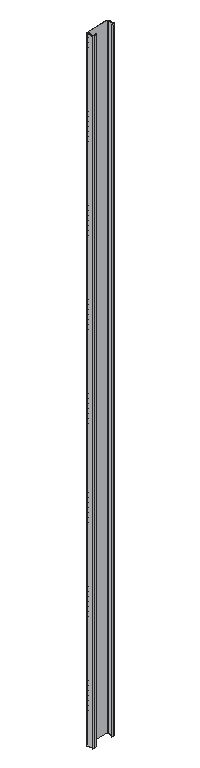
Revit family "side channel3", category Generic Models, Revit 2024 (continued)
Forms (in)
  Extrusion 106, void
    sketch origin (0, 0, 104) x (0, 1, 0) y (0, 0, -1)
      loop
        line (-2, -0.5625) -> (-2.1875, -0.23774) -> (-2.5625, -0.23774) -> (-2.60566, -0.3125) -> (-3, -0.3125) -> (-3, -0.8125) -> (-2.60566, -0.8125) -> (-2.5625, -0.88726) -> (-2.1875, -0.88726) -> (-2, -0.5625)
    from 0.32087 to 0.875
  Extrusion 107, void
    sketch origin (0, 0, 105) x (0, 1, 0) y (0, 0, -1)
      loop
        line (-2, -0.5625) -> (-2.1875, -0.23774) -> (-2.5625, -0.23774) -> (-2.60566, -0.3125) -> (-3, -0.3125) -> (-3, -0.8125) -> (-2.60566, -0.8125) -> (-2.5625, -0.88726) -> (-2.1875, -0.88726) -> (-2, -0.5625)
    from 0.32087 to 0.875
  Extrusion 108, void
    sketch origin (0, 0, 106) x (0, 1, 0) y (0, 0, -1)
      loop
        line (-2, -0.5625) -> (-2.1875, -0.23774) -> (-2.5625, -0.23774) -> (-2.60566, -0.3125) -> (-3, -0.3125) -> (-3, -0.8125) -> (-2.60566, -0.8125) -> (-2.5625, -0.88726) -> (-2.1875, -0.88726) -> (-2, -0.5625)
    from 0.32087 to 0.875
  Extrusion 109, void
    sketch origin (0, 0, 107) x (0, 1, 0) y (0, 0, -1)
      loop
        line (-2, -0.5625) -> (-2.1875, -0.23774) -> (-2.5625, -0.23774) -> (-2.60566, -0.3125) -> (-3, -0.3125) -> (-3, -0.8125) -> (-2.60566, -0.8125) -> (-2.5625, -0.88726) -> (-2.1875, -0.88726) -> (-2, -0.5625)
    from 0.32087 to 0.875
  Extrusion 110, void
    sketch origin (0, 0, 108) x (0, 1, 0) y (0, 0, -1)
      loop
        line (-2, -0.5625) -> (-2.1875, -0.23774) -> (-2.5625, -0.23774) -> (-2.60566, -0.3125) -> (-3, -0.3125) -> (-3, -0.8125) -> (-2.60566, -0.8125) -> (-2.5625, -0.88726) -> (-2.1875, -0.88726) -> (-2, -0.5625)
    from 0.32087 to 0.875
  Extrusion 111, void
    sketch origin (0, 0, 109) x (0, 1, 0) y (0, 0, -1)
      loop
        line (-2, -0.5625) -> (-2.1875, -0.23774) -> (-2.5625, -0.23774) -> (-2.60566, -0.3125) -> (-3, -0.3125) -> (-3, -0.8125) -> (-2.60566, -0.8125) -> (-2.5625, -0.88726) -> (-2.1875, -0.88726) -> (-2, -0.5625)
    from 0.32087 to 0.875
  Extrusion 112, void
    sketch origin (0, 0, 110) x (0, 1, 0) y (0, 0, -1)
      loop
        line (-2, -0.5625) -> (-2.1875, -0.23774) -> (-2.5625, -0.23774) -> (-2.60566, -0.3125) -> (-3, -0.3125) -> (-3, -0.8125) -> (-2.60566, -0.8125) -> (-2.5625, -0.88726) -> (-2.1875, -0.88726) -> (-2, -0.5625)
    from 0.32087 to 0.875
  Extrusion 113, void
    sketch origin (0, 0, 111) x (0, 1, 0) y (0, 0, -1)
      loop
        line (-2, -0.5625) -> (-2.1875, -0.23774) -> (-2.5625, -0.23774) -> (-2.60566, -0.3125) -> (-3, -0.3125) -> (-3, -0.8125) -> (-2.60566, -0.8125) -> (-2.5625, -0.88726) -> (-2.1875, -0.88726) -> (-2, -0.5625)
    from 0.32087 to 0.875
  Extrusion 114, void
    sketch origin (0, 0, 112) x (0, 1, 0) y (0, 0, -1)
      loop
        line (-2, -0.5625) -> (-2.1875, -0.23774) -> (-2.5625, -0.23774) -> (-2.60566, -0.3125) -> (-3, -0.3125) -> (-3, -0.8125) -> (-2.60566, -0.8125) -> (-2.5625, -0.88726) -> (-2.1875, -0.88726) -> (-2, -0.5625)
    from 0.32087 to 0.875
  Extrusion 115, void
    sketch origin (0, 0, 113) x (0, 1, 0) y (0, 0, -1)
      loop
        line (-2, -0.5625) -> (-2.1875, -0.23774) -> (-2.5625, -0.23774) -> (-2.60566, -0.3125) -> (-3, -0.3125) -> (-3, -0.8125) -> (-2.60566, -0.8125) -> (-2.5625, -0.88726) -> (-2.1875, -0.88726) -> (-2, -0.5625)
    from 0.32087 to 0.875
  Extrusion 116, void
    sketch origin (0, 0, 114) x (0, 1, 0) y (0, 0, -1)
      loop
        line (-2, -0.5625) -> (-2.1875, -0.23774) -> (-2.5625, -0.23774) -> (-2.60566, -0.3125) -> (-3, -0.3125) -> (-3, -0.8125) -> (-2.60566, -0.8125) -> (-2.5625, -0.88726) -> (-2.1875, -0.88726) -> (-2, -0.5625)
    from 0.32087 to 0.875
  Extrusion 117, void
    sketch origin (0, 0, 115) x (0, 1, 0) y (0, 0, -1)
      loop
        line (-2, -0.5625) -> (-2.1875, -0.23774) -> (-2.5625, -0.23774) -> (-2.60566, -0.3125) -> (-3, -0.3125) -> (-3, -0.8125) -> (-2.60566, -0.8125) -> (-2.5625, -0.88726) -> (-2.1875, -0.88726) -> (-2, -0.5625)
    from 0.32087 to 0.875
  Extrusion 118, void
    sketch origin (0, 0, 116) x (0, 1, 0) y (0, 0, -1)
      loop
        line (-2, -0.5625) -> (-2.1875, -0.23774) -> (-2.5625, -0.23774) -> (-2.60566, -0.3125) -> (-3, -0.3125) -> (-3, -0.8125) -> (-2.60566, -0.8125) -> (-2.5625, -0.88726) -> (-2.1875, -0.88726) -> (-2, -0.5625)
    from 0.32087 to 0.875
  Extrusion 119, void
    sketch origin (0, 0, 117) x (0, 1, 0) y (0, 0, -1)
      loop
        line (-2, -0.5625) -> (-2.1875, -0.23774) -> (-2.5625, -0.23774) -> (-2.60566, -0.3125) -> (-3, -0.3125) -> (-3, -0.8125) -> (-2.60566, -0.8125) -> (-2.5625, -0.88726) -> (-2.1875, -0.88726) -> (-2, -0.5625)
    from 0.32087 to 0.875
  Extrusion 120, void
    sketch origin (0, 0, 118) x (0, 1, 0) y (0, 0, -1)
      loop
        line (-2, -0.5625) -> (-2.1875, -0.23774) -> (-2.5625, -0.23774) -> (-2.60566, -0.3125) -> (-3, -0.3125) -> (-3, -0.8125) -> (-2.60566, -0.8125) -> (-2.5625, -0.88726) -> (-2.1875, -0.88726) -> (-2, -0.5625)
    from 0.32087 to 0.875
  Extrusion 121, void
    sketch origin (0, 0, 119) x (0, 1, 0) y (0, 0, -1)
      loop
        line (-2, -0.5625) -> (-2.1875, -0.23774) -> (-2.5625, -0.23774) -> (-2.60566, -0.3125) -> (-3, -0.3125) -> (-3, -0.8125) -> (-2.60566, -0.8125) -> (-2.5625, -0.88726) -> (-2.1875, -0.88726) -> (-2, -0.5625)
    from 0.32087 to 0.875
  Extrusion 122, void
    sketch origin (0, 0, 120) x (0, 1, 0) y (0, 0, -1)
      loop
        line (-2, -0.5625) -> (-2.1875, -0.23774) -> (-2.5625, -0.23774) -> (-2.60566, -0.3125) -> (-3, -0.3125) -> (-3, -0.8125) -> (-2.60566, -0.8125) -> (-2.5625, -0.88726) -> (-2.1875, -0.88726) -> (-2, -0.5625)
    from 0.32087 to 0.875
  Extrusion 123, void
    sketch origin (0, 0, 121) x (0, 1, 0) y (0, 0, -1)
      loop
        line (-2, -0.5625) -> (-2.1875, -0.23774) -> (-2.5625, -0.23774) -> (-2.60566, -0.3125) -> (-3, -0.3125) -> (-3, -0.8125) -> (-2.60566, -0.8125) -> (-2.5625, -0.88726) -> (-2.1875, -0.88726) -> (-2, -0.5625)
    from 0.32087 to 0.875
  Extrusion 124, void
    sketch origin (0, 0, 122) x (0, 1, 0) y (0, 0, -1)
      loop
        line (-2, -0.5625) -> (-2.1875, -0.23774) -> (-2.5625, -0.23774) -> (-2.60566, -0.3125) -> (-3, -0.3125) -> (-3, -0.8125) -> (-2.60566, -0.8125) -> (-2.5625, -0.88726) -> (-2.1875, -0.88726) -> (-2, -0.5625)
    from 0.32087 to 0.875
  Extrusion 125, void
    sketch origin (0, 0, 123) x (0, 1, 0) y (0, 0, -1)
      loop
        line (-2, -0.5625) -> (-2.1875, -0.23774) -> (-2.5625, -0.23774) -> (-2.60566, -0.3125) -> (-3, -0.3125) -> (-3, -0.8125) -> (-2.60566, -0.8125) -> (-2.5625, -0.88726) -> (-2.1875, -0.88726) -> (-2, -0.5625)
    from 0.32087 to 0.875
  Extrusion 126, void
    sketch origin (0, 0, 124) x (0, 1, 0) y (0, 0, -1)
      loop
        line (-2, -0.5625) -> (-2.1875, -0.23774) -> (-2.5625, -0.23774) -> (-2.60566, -0.3125) -> (-3, -0.3125) -> (-3, -0.8125) -> (-2.60566, -0.8125) -> (-2.5625, -0.88726) -> (-2.1875, -0.88726) -> (-2, -0.5625)
    from 0.32087 to 0.875
  Extrusion 127, void
    sketch origin (0, 0, 125) x (0, 1, 0) y (0, 0, -1)
      loop
        line (-2, -0.5625) -> (-2.1875, -0.23774) -> (-2.5625, -0.23774) -> (-2.60566, -0.3125) -> (-3, -0.3125) -> (-3, -0.8125) -> (-2.60566, -0.8125) -> (-2.5625, -0.88726) -> (-2.1875, -0.88726) -> (-2, -0.5625)
    from 0.32087 to 0.875
  Extrusion 128, void
    sketch origin (0, 0, 126) x (0, 1, 0) y (0, 0, -1)
      loop
        line (-2, -0.5625) -> (-2.1875, -0.23774) -> (-2.5625, -0.23774) -> (-2.60566, -0.3125) -> (-3, -0.3125) -> (-3, -0.8125) -> (-2.60566, -0.8125) -> (-2.5625, -0.88726) -> (-2.1875, -0.88726) -> (-2, -0.5625)
    from 0.32087 to 0.875
  Extrusion 129, void
    sketch origin (0, 0, 127) x (0, 1, 0) y (0, 0, -1)
      loop
        line (-2, -0.5625) -> (-2.1875, -0.23774) -> (-2.5625, -0.23774) -> (-2.60566, -0.3125) -> (-3, -0.3125) -> (-3, -0.8125) -> (-2.60566, -0.8125) -> (-2.5625, -0.88726) -> (-2.1875, -0.88726) -> (-2, -0.5625)
    from 0.32087 to 0.875
  Extrusion 130, void
    sketch origin (0, 0, 128) x (0, 1, 0) y (0, 0, -1)
      loop
        line (-2, -0.5625) -> (-2.1875, -0.23774) -> (-2.5625, -0.23774) -> (-2.60566, -0.3125) -> (-3, -0.3125) -> (-3, -0.8125) -> (-2.60566, -0.8125) -> (-2.5625, -0.88726) -> (-2.1875, -0.88726) -> (-2, -0.5625)
    from 0.32087 to 0.875
  Extrusion 131, void
    sketch origin (0, 0, 129) x (0, 1, 0) y (0, 0, -1)
      loop
        line (-2, -0.5625) -> (-2.1875, -0.23774) -> (-2.5625, -0.23774) -> (-2.60566, -0.3125) -> (-3, -0.3125) -> (-3, -0.8125) -> (-2.60566, -0.8125) -> (-2.5625, -0.88726) -> (-2.1875, -0.88726) -> (-2, -0.5625)
    from 0.32087 to 0.875
  Extrusion 132, void
    sketch origin (0, 0, 130) x (0, 1, 0) y (0, 0, -1)
      loop
        line (-2, -0.5625) -> (-2.1875, -0.23774) -> (-2.5625, -0.23774) -> (-2.60566, -0.3125) -> (-3, -0.3125) -> (-3, -0.8125) -> (-2.60566, -0.8125) -> (-2.5625, -0.88726) -> (-2.1875, -0.88726) -> (-2, -0.5625)
    from 0.32087 to 0.875
  Extrusion 133, void
    sketch origin (0, 0, 131) x (0, 1, 0) y (0, 0, -1)
      loop
        line (-2, -0.5625) -> (-2.1875, -0.23774) -> (-2.5625, -0.23774) -> (-2.60566, -0.3125) -> (-3, -0.3125) -> (-3, -0.8125) -> (-2.60566, -0.8125) -> (-2.5625, -0.88726) -> (-2.1875, -0.88726) -> (-2, -0.5625)
    from 0.32087 to 0.875
  Extrusion 134, void
    sketch origin (0, 0, 132) x (0, 1, 0) y (0, 0, -1)
      loop
        line (-2, -0.5625) -> (-2.1875, -0.23774) -> (-2.5625, -0.23774) -> (-2.60566, -0.3125) -> (-3, -0.3125) -> (-3, -0.8125) -> (-2.60566, -0.8125) -> (-2.5625, -0.88726) -> (-2.1875, -0.88726) -> (-2, -0.5625)
    from 0.32087 to 0.875
  Extrusion 135, void
    sketch origin (0, 0, 133) x (0, 1, 0) y (0, 0, -1)
      loop
        line (-2, -0.5625) -> (-2.1875, -0.23774) -> (-2.5625, -0.23774) -> (-2.60566, -0.3125) -> (-3, -0.3125) -> (-3, -0.8125) -> (-2.60566, -0.8125) -> (-2.5625, -0.88726) -> (-2.1875, -0.88726) -> (-2, -0.5625)
    from 0.32087 to 0.875
  Extrusion 136, void
    sketch origin (0, 0, 134) x (0, 1, 0) y (0, 0, -1)
      loop
        line (-2, -0.5625) -> (-2.1875, -0.23774) -> (-2.5625, -0.23774) -> (-2.60566, -0.3125) -> (-3, -0.3125) -> (-3, -0.8125) -> (-2.60566, -0.8125) -> (-2.5625, -0.88726) -> (-2.1875, -0.88726) -> (-2, -0.5625)
    from 0.32087 to 0.875
  Extrusion 137, void
    sketch origin (0, 0, 135) x (0, 1, 0) y (0, 0, -1)
      loop
        line (-2, -0.5625) -> (-2.1875, -0.23774) -> (-2.5625, -0.23774) -> (-2.60566, -0.3125) -> (-3, -0.3125) -> (-3, -0.8125) -> (-2.60566, -0.8125) -> (-2.5625, -0.88726) -> (-2.1875, -0.88726) -> (-2, -0.5625)
    from 0.32087 to 0.875
  Extrusion 138, void
    sketch origin (0, 0, 136) x (0, 1, 0) y (0, 0, -1)
      loop
        line (-2, -0.5625) -> (-2.1875, -0.23774) -> (-2.5625, -0.23774) -> (-2.60566, -0.3125) -> (-3, -0.3125) -> (-3, -0.8125) -> (-2.60566, -0.8125) -> (-2.5625, -0.88726) -> (-2.1875, -0.88726) -> (-2, -0.5625)
    from 0.32087 to 0.875
  Extrusion 139, void
    sketch origin (0, 0, 137) x (0, 1, 0) y (0, 0, -1)
      loop
        line (-2, -0.5625) -> (-2.1875, -0.23774) -> (-2.5625, -0.23774) -> (-2.60566, -0.3125) -> (-3, -0.3125) -> (-3, -0.8125) -> (-2.60566, -0.8125) -> (-2.5625, -0.88726) -> (-2.1875, -0.88726) -> (-2, -0.5625)
    from 0.32087 to 0.875
  Extrusion 140, void
    sketch origin (0, 0, 138) x (0, 1, 0) y (0, 0, -1)
      loop
        line (-2, -0.5625) -> (-2.1875, -0.23774) -> (-2.5625, -0.23774) -> (-2.60566, -0.3125) -> (-3, -0.3125) -> (-3, -0.8125) -> (-2.60566, -0.8125) -> (-2.5625, -0.88726) -> (-2.1875, -0.88726) -> (-2, -0.5625)
    from 0.32087 to 0.875
  Extrusion 141, void
    sketch origin (0, 0, 139) x (0, 1, 0) y (0, 0, -1)
      loop
        line (-2, -0.5625) -> (-2.1875, -0.23774) -> (-2.5625, -0.23774) -> (-2.60566, -0.3125) -> (-3, -0.3125) -> (-3, -0.8125) -> (-2.60566, -0.8125) -> (-2.5625, -0.88726) -> (-2.1875, -0.88726) -> (-2, -0.5625)
    from 0.32087 to 0.875
  Extrusion 142, void
    sketch origin (0, 0, 140) x (0, 1, 0) y (0, 0, -1)
      loop
        line (-2, -0.5625) -> (-2.1875, -0.23774) -> (-2.5625, -0.23774) -> (-2.60566, -0.3125) -> (-3, -0.3125) -> (-3, -0.8125) -> (-2.60566, -0.8125) -> (-2.5625, -0.88726) -> (-2.1875, -0.88726) -> (-2, -0.5625)
    from 0.32087 to 0.875
  Extrusion 143, void
    sketch origin (0, 0, 141) x (0, 1, 0) y (0, 0, -1)
      loop
        line (-2, -0.5625) -> (-2.1875, -0.23774) -> (-2.5625, -0.23774) -> (-2.60566, -0.3125) -> (-3, -0.3125) -> (-3, -0.8125) -> (-2.60566, -0.8125) -> (-2.5625, -0.88726) -> (-2.1875, -0.88726) -> (-2, -0.5625)
    from 0.32087 to 0.875
  Extrusion 144, void
    sketch origin (0, 0, 142) x (0, 1, 0) y (0, 0, -1)
      loop
        line (-2, -0.5625) -> (-2.1875, -0.23774) -> (-2.5625, -0.23774) -> (-2.60566, -0.3125) -> (-3, -0.3125) -> (-3, -0.8125) -> (-2.60566, -0.8125) -> (-2.5625, -0.88726) -> (-2.1875, -0.88726) -> (-2, -0.5625)
    from 0.32087 to 0.875
  Extrusion 145, void
    sketch origin (0, 0, 143) x (0, 1, 0) y (0, 0, -1)
      loop
        line (-2, -0.5625) -> (-2.1875, -0.23774) -> (-2.5625, -0.23774) -> (-2.60566, -0.3125) -> (-3, -0.3125) -> (-3, -0.8125) -> (-2.60566, -0.8125) -> (-2.5625, -0.88726) -> (-2.1875, -0.88726) -> (-2, -0.5625)
    from 0.32087 to 0.875
Cuts and joins
  Extrusion 2, Extrusion 3, Extrusion 4, Extrusion 5, Extrusion 6, Extrusion 7, Extrusion 8, Extrusion 9, Extrusion 10, Extrusion 11, Extrusion 12, Extrusion 13, Extrusion 14, Extrusion 15, Extrusion 16, Extrusion 17, Extrusion 18, Extrusion 19, Extrusion 20, Extrusion 21, Extrusion 22, Extrusion 23, Extrusion 24, Extrusion 25, Extrusion 26, Extrusion 27, Extrusion 28, Extrusion 29, Extrusion 30, Extrusion 31, Extrusion 32, Extrusion 33, Extrusion 34, Extrusion 35, Extrusion 36, Extrusion 37, Extrusion 38, Extrusion 39, Extrusion 40, Extrusion 41, Extrusion 42, Extrusion 43, Extrusion 44, Extrusion 45, Extrusion 46, Extrusion 47, Extrusion 48, Extrusion 49, Extrusion 50, Extrusion 51, Extrusion 52, Extrusion 53, Extrusion 54, Extrusion 55, Extrusion 56, Extrusion 57, Extrusion 58, Extrusion 59, Extrusion 60, Extrusion 61, Extrusion 62, Extrusion 63, Extrusion 64, Extrusion 65, Extrusion 66, Extrusion 67, Extrusion 68, Extrusion 69, Extrusion 70, Extrusion 71, Extrusion 72, Extrusion 73, Extrusion 74, Extrusion 75, Extrusion 76, Extrusion 77, Extrusion 78, Extrusion 79, Extrusion 80, Extrusion 81, Extrusion 82, Extrusion 83, Extrusion 84, Extrusion 85, Extrusion 86, Extrusion 87, Extrusion 88, Extrusion 89, Extrusion 90, Extrusion 91, Extrusion 92, Extrusion 93, Extrusion 94, Extrusion 95, Extrusion 96, Extrusion 97, Extrusion 98, Extrusion 99, Extrusion 100, Extrusion 101, Extrusion 102, Extrusion 103, Extrusion 104, Extrusion 105, Extrusion 106, Extrusion 107, Extrusion 108, Extrusion 109, Extrusion 110, Extrusion 111, Extrusion 112, Extrusion 113, Extrusion 114, Extrusion 115, Extrusion 116, Extrusion 117, Extrusion 118, Extrusion 119, Extrusion 120, Extrusion 121, Extrusion 122, Extrusion 123, Extrusion 124, Extrusion 125, Extrusion 126, Extrusion 127, Extrusion 128, Extrusion 129, Extrusion 130, Extrusion 131, Extrusion 132, Extrusion 133, Extrusion 134, Extrusion 135, Extrusion 136, Extrusion 137, Extrusion 138, Extrusion 139, Extrusion 140, Extrusion 141, Extrusion 142, Extrusion 143, Extrusion 144, Extrusion 145 cuts Extrusion 1
Dimensions and locks (in)
  equal spacing: plane 4 "TOP", plane 1 "Center (Front/Back)", plane 5 "BOTTOM"
  plane 4 "TOP" to plane 5 "BOTTOM" = 0' - 6"
  plane 4 "TOP" to plane 12 = 0' - 0 3/4"
  "SIDE CHANNEL LENGTH": plane 16 "SIDE CHANNEL LENGTH" to level
  plane 17 "Center L/V" to plane 18 "Center L/W" = 0' - 6"
  plane 17 "Center L/V" to plane 23 = 0' - 0 3/4"
  equal spacing: group 1, group 2, group 3, group 4, group 5, group 6, group 7, group 8, group 9, group 10, group 11, group 12, group 13, group 14, group 15, group 16, group 17, group 18, group 19, group 20, group 21, group 22, group 23, group 24, group 25, group 26, group 27, group 28, group 29, group 30, group 31, group 32, group 33, group 34, group 35, group 36, group 37, group 38, group 39, group 40, group 41, group 42, group 43, group 44, group 45, group 46, group 47, group 48, group 49, group 50, group 51, group 52, group 53, group 54, group 55, group 56, group 57, group 58, group 59, group 60, group 61, group 62, group 63, group 64, group 65, group 66, group 67, group 68, group 69, group 70, group 71, group 72, group 73, group 74, group 75, group 76, group 77, group 78, group 79, group 80, group 81, group 82, group 83, group 84, group 85, group 86, group 87, group 88, group 89, group 90, group 91, group 92, group 93, group 94, group 95, group 96, group 97, group 98, group 99, group 100, group 101, group 102, group 103, group 104, group 105, group 106, group 107, group 108, group 109, group 110, group 111, group 112, group 113, group 114, group 115, group 116, group 117, group 118, group 119, group 120, group 121, group 122, group 123, group 124, group 125, group 126, group 127, group 128, group 129, group 130, group 131, group 132, group 133, group 134, group 135, group 136, group 137, group 138, group 139, group 140, group 141, group 142, group 143, group 144  (x3)
  aligned and locked: plane 2 to level
Automatic sketch dimensions
  Extrusion 1 sketch curve to Extrusion 1 sketch curve = 0' - 0"  (x8)
  Extrusion 1 sketch curve to plane 7 "RIGHT" = 0' - 0"  (x2)
  Extrusion 1 sketch curve to plane 10 = 0' - 0"
  Extrusion 1 sketch curve to plane 4 "TOP" = 0' - 0"
  plane 5 "BOTTOM" to Extrusion 1 sketch curve = 0' - 0"
  Extrusion 1 sketch curve to plane 11 = 0' - 0"
  plane 12 to Extrusion 1 sketch curve = 0' - 0"
  plane 13 to Extrusion 1 sketch curve = 0' - 0"
  Extrusion 1 sketch curve to Extrusion 1 sketch curve = 0' - 0 1/8"  (x2)
  Extrusion 1 sketch curve to plane 10 = 0' - 0 1/8"
  Extrusion 1 sketch curve to plane 11 = 0' - 0 1/8"
  Extrusion 2 sketch curve to plane 28 = 0' - 0"
  Extrusion 2 sketch curve to plane 29 = 0' - 0"
  Extrusion 2 sketch curve to plane 26 = 0' - 0"
  Extrusion 2 sketch curve to plane 27 = 0' - 0.23066"  (x2)
  Extrusion 2 sketch curve to Extrusion 2 sketch curve = 0' - 0.04316"  (x2)
  Extrusion 2 sketch curve to plane 28 = 0' - 0.07476"
  Extrusion 2 sketch curve to plane 29 = 0' - 0.07476"
  Extrusion 2 sketch curve to Extrusion 2 sketch curve = 0' - 0.39434"
  plane 27 to Extrusion 2 sketch curve = 0' - 0 3/16"  (x2)
  Extrusion 2 sketch curve to Extrusion 2 sketch curve = 0' - 0 3/16"
  Extrusion 3 sketch curve to plane 32 = 0' - 0"
  Extrusion 3 sketch curve to plane 33 = 0' - 0"
  Extrusion 3 sketch curve to plane 30 = 0' - 0"
  Extrusion 3 sketch curve to plane 31 = 0' - 0.23066"  (x2)
  Extrusion 3 sketch curve to Extrusion 3 sketch curve = 0' - 0.04316"  (x2)
  Extrusion 3 sketch curve to plane 32 = 0' - 0.07476"
  Extrusion 3 sketch curve to plane 33 = 0' - 0.07476"
  Extrusion 3 sketch curve to Extrusion 3 sketch curve = 0' - 0.39434"
  plane 31 to Extrusion 3 sketch curve = 0' - 0 3/16"  (x2)
  Extrusion 3 sketch curve to Extrusion 3 sketch curve = 0' - 0 3/16"
  Extrusion 4 sketch curve to plane 36 = 0' - 0"
  Extrusion 4 sketch curve to plane 37 = 0' - 0"
  Extrusion 4 sketch curve to plane 34 = 0' - 0"
  Extrusion 4 sketch curve to plane 35 = 0' - 0.23066"  (x2)
  Extrusion 4 sketch curve to Extrusion 4 sketch curve = 0' - 0.04316"  (x2)
  Extrusion 4 sketch curve to plane 36 = 0' - 0.07476"
  Extrusion 4 sketch curve to plane 37 = 0' - 0.07476"
  Extrusion 4 sketch curve to Extrusion 4 sketch curve = 0' - 0.39434"
  plane 35 to Extrusion 4 sketch curve = 0' - 0 3/16"  (x2)
  Extrusion 4 sketch curve to Extrusion 4 sketch curve = 0' - 0 3/16"
  Extrusion 5 sketch curve to plane 40 = 0' - 0"
  Extrusion 5 sketch curve to plane 41 = 0' - 0"
  Extrusion 5 sketch curve to plane 38 = 0' - 0"
  Extrusion 5 sketch curve to plane 39 = 0' - 0.23066"  (x2)
  Extrusion 5 sketch curve to Extrusion 5 sketch curve = 0' - 0.04316"  (x2)
  Extrusion 5 sketch curve to plane 40 = 0' - 0.07476"
  Extrusion 5 sketch curve to plane 41 = 0' - 0.07476"
  Extrusion 5 sketch curve to Extrusion 5 sketch curve = 0' - 0.39434"
  plane 39 to Extrusion 5 sketch curve = 0' - 0 3/16"  (x2)
  Extrusion 5 sketch curve to Extrusion 5 sketch curve = 0' - 0 3/16"
  Extrusion 6 sketch curve to plane 44 = 0' - 0"
  Extrusion 6 sketch curve to plane 45 = 0' - 0"
  Extrusion 6 sketch curve to plane 42 = 0' - 0"
  Extrusion 6 sketch curve to plane 43 = 0' - 0.23066"  (x2)
  Extrusion 6 sketch curve to Extrusion 6 sketch curve = 0' - 0.04316"  (x2)
  Extrusion 6 sketch curve to plane 44 = 0' - 0.07476"
  Extrusion 6 sketch curve to plane 45 = 0' - 0.07476"
  Extrusion 6 sketch curve to Extrusion 6 sketch curve = 0' - 0.39434"
  plane 43 to Extrusion 6 sketch curve = 0' - 0 3/16"  (x2)
  Extrusion 6 sketch curve to Extrusion 6 sketch curve = 0' - 0 3/16"
  Extrusion 7 sketch curve to plane 48 = 0' - 0"
  Extrusion 7 sketch curve to plane 49 = 0' - 0"
  Extrusion 7 sketch curve to plane 46 = 0' - 0"
  Extrusion 7 sketch curve to plane 47 = 0' - 0.23066"  (x2)
  Extrusion 7 sketch curve to Extrusion 7 sketch curve = 0' - 0.04316"  (x2)
  Extrusion 7 sketch curve to plane 48 = 0' - 0.07476"
  Extrusion 7 sketch curve to plane 49 = 0' - 0.07476"
  Extrusion 7 sketch curve to Extrusion 7 sketch curve = 0' - 0.39434"
  plane 47 to Extrusion 7 sketch curve = 0' - 0 3/16"  (x2)
  Extrusion 7 sketch curve to Extrusion 7 sketch curve = 0' - 0 3/16"
  Extrusion 8 sketch curve to plane 52 = 0' - 0"
  Extrusion 8 sketch curve to plane 53 = 0' - 0"
  Extrusion 8 sketch curve to plane 50 = 0' - 0"
  Extrusion 8 sketch curve to plane 51 = 0' - 0.23066"  (x2)
  Extrusion 8 sketch curve to Extrusion 8 sketch curve = 0' - 0.04316"  (x2)
  Extrusion 8 sketch curve to plane 52 = 0' - 0.07476"
  Extrusion 8 sketch curve to plane 53 = 0' - 0.07476"
  Extrusion 8 sketch curve to Extrusion 8 sketch curve = 0' - 0.39434"
  plane 51 to Extrusion 8 sketch curve = 0' - 0 3/16"  (x2)
  Extrusion 8 sketch curve to Extrusion 8 sketch curve = 0' - 0 3/16"
  Extrusion 9 sketch curve to plane 56 = 0' - 0"
  Extrusion 9 sketch curve to plane 57 = 0' - 0"
  Extrusion 9 sketch curve to plane 54 = 0' - 0"
  Extrusion 9 sketch curve to plane 55 = 0' - 0.23066"  (x2)
  Extrusion 9 sketch curve to Extrusion 9 sketch curve = 0' - 0.04316"  (x2)
  Extrusion 9 sketch curve to plane 56 = 0' - 0.07476"
  Extrusion 9 sketch curve to plane 57 = 0' - 0.07476"
  Extrusion 9 sketch curve to Extrusion 9 sketch curve = 0' - 0.39434"
  plane 55 to Extrusion 9 sketch curve = 0' - 0 3/16"  (x2)
  Extrusion 9 sketch curve to Extrusion 9 sketch curve = 0' - 0 3/16"
  Extrusion 10 sketch curve to plane 60 = 0' - 0"
  Extrusion 10 sketch curve to plane 61 = 0' - 0"
  Extrusion 10 sketch curve to plane 58 = 0' - 0"
  Extrusion 10 sketch curve to plane 59 = 0' - 0.23066"  (x2)
  Extrusion 10 sketch curve to Extrusion 10 sketch curve = 0' - 0.04316"  (x2)
  Extrusion 10 sketch curve to plane 60 = 0' - 0.07476"
  Extrusion 10 sketch curve to plane 61 = 0' - 0.07476"
  Extrusion 10 sketch curve to Extrusion 10 sketch curve = 0' - 0.39434"
  plane 59 to Extrusion 10 sketch curve = 0' - 0 3/16"  (x2)
  Extrusion 10 sketch curve to Extrusion 10 sketch curve = 0' - 0 3/16"
  Extrusion 11 sketch curve to plane 64 = 0' - 0"
  Extrusion 11 sketch curve to plane 65 = 0' - 0"
  Extrusion 11 sketch curve to plane 62 = 0' - 0"
  Extrusion 11 sketch curve to plane 63 = 0' - 0.23066"  (x2)
  Extrusion 11 sketch curve to Extrusion 11 sketch curve = 0' - 0.04316"  (x2)
  Extrusion 11 sketch curve to plane 64 = 0' - 0.07476"
  Extrusion 11 sketch curve to plane 65 = 0' - 0.07476"
  Extrusion 11 sketch curve to Extrusion 11 sketch curve = 0' - 0.39434"
  plane 63 to Extrusion 11 sketch curve = 0' - 0 3/16"  (x2)
  Extrusion 11 sketch curve to Extrusion 11 sketch curve = 0' - 0 3/16"
  Extrusion 12 sketch curve to plane 68 = 0' - 0"
  Extrusion 12 sketch curve to plane 69 = 0' - 0"
  Extrusion 12 sketch curve to plane 66 = 0' - 0"
  Extrusion 12 sketch curve to plane 67 = 0' - 0.23066"  (x2)
  Extrusion 12 sketch curve to Extrusion 12 sketch curve = 0' - 0.04316"  (x2)
  Extrusion 12 sketch curve to plane 68 = 0' - 0.07476"
  Extrusion 12 sketch curve to plane 69 = 0' - 0.07476"
  Extrusion 12 sketch curve to Extrusion 12 sketch curve = 0' - 0.39434"
  plane 67 to Extrusion 12 sketch curve = 0' - 0 3/16"  (x2)
  Extrusion 12 sketch curve to Extrusion 12 sketch curve = 0' - 0 3/16"
  Extrusion 13 sketch curve to plane 72 = 0' - 0"
  Extrusion 13 sketch curve to plane 73 = 0' - 0"
  Extrusion 13 sketch curve to plane 70 = 0' - 0"
  Extrusion 13 sketch curve to plane 71 = 0' - 0.23066"  (x2)
  Extrusion 13 sketch curve to Extrusion 13 sketch curve = 0' - 0.04316"  (x2)
  Extrusion 13 sketch curve to plane 72 = 0' - 0.07476"
  Extrusion 13 sketch curve to plane 73 = 0' - 0.07476"
  Extrusion 13 sketch curve to Extrusion 13 sketch curve = 0' - 0.39434"
  plane 71 to Extrusion 13 sketch curve = 0' - 0 3/16"  (x2)
  Extrusion 13 sketch curve to Extrusion 13 sketch curve = 0' - 0 3/16"
  Extrusion 14 sketch curve to plane 76 = 0' - 0"
  Extrusion 14 sketch curve to plane 77 = 0' - 0"
  Extrusion 14 sketch curve to plane 74 = 0' - 0"
  Extrusion 14 sketch curve to plane 75 = 0' - 0.23066"  (x2)
  Extrusion 14 sketch curve to Extrusion 14 sketch curve = 0' - 0.04316"  (x2)
  Extrusion 14 sketch curve to plane 76 = 0' - 0.07476"
  Extrusion 14 sketch curve to plane 77 = 0' - 0.07476"
  Extrusion 14 sketch curve to Extrusion 14 sketch curve = 0' - 0.39434"
  plane 75 to Extrusion 14 sketch curve = 0' - 0 3/16"  (x2)
  Extrusion 14 sketch curve to Extrusion 14 sketch curve = 0' - 0 3/16"
  Extrusion 15 sketch curve to plane 80 = 0' - 0"
  Extrusion 15 sketch curve to plane 81 = 0' - 0"
  Extrusion 15 sketch curve to plane 78 = 0' - 0"
  Extrusion 15 sketch curve to plane 79 = 0' - 0.23066"  (x2)
  Extrusion 15 sketch curve to Extrusion 15 sketch curve = 0' - 0.04316"  (x2)
  Extrusion 15 sketch curve to plane 80 = 0' - 0.07476"
  Extrusion 15 sketch curve to plane 81 = 0' - 0.07476"
  Extrusion 15 sketch curve to Extrusion 15 sketch curve = 0' - 0.39434"
  plane 79 to Extrusion 15 sketch curve = 0' - 0 3/16"  (x2)
  Extrusion 15 sketch curve to Extrusion 15 sketch curve = 0' - 0 3/16"
  Extrusion 16 sketch curve to plane 84 = 0' - 0"
  Extrusion 16 sketch curve to plane 85 = 0' - 0"
  Extrusion 16 sketch curve to plane 82 = 0' - 0"
  Extrusion 16 sketch curve to plane 83 = 0' - 0.23066"  (x2)
  Extrusion 16 sketch curve to Extrusion 16 sketch curve = 0' - 0.04316"  (x2)
  Extrusion 16 sketch curve to plane 84 = 0' - 0.07476"
  Extrusion 16 sketch curve to plane 85 = 0' - 0.07476"
  Extrusion 16 sketch curve to Extrusion 16 sketch curve = 0' - 0.39434"
  plane 83 to Extrusion 16 sketch curve = 0' - 0 3/16"  (x2)
  Extrusion 16 sketch curve to Extrusion 16 sketch curve = 0' - 0 3/16"
  Extrusion 17 sketch curve to plane 88 = 0' - 0"
  Extrusion 17 sketch curve to plane 89 = 0' - 0"
  Extrusion 17 sketch curve to plane 86 = 0' - 0"
  Extrusion 17 sketch curve to plane 87 = 0' - 0.23066"  (x2)
  Extrusion 17 sketch curve to Extrusion 17 sketch curve = 0' - 0.04316"  (x2)
  Extrusion 17 sketch curve to plane 88 = 0' - 0.07476"
  Extrusion 17 sketch curve to plane 89 = 0' - 0.07476"
  Extrusion 17 sketch curve to Extrusion 17 sketch curve = 0' - 0.39434"
  plane 87 to Extrusion 17 sketch curve = 0' - 0 3/16"  (x2)
  Extrusion 17 sketch curve to Extrusion 17 sketch curve = 0' - 0 3/16"
  Extrusion 18 sketch curve to plane 92 = 0' - 0"
  Extrusion 18 sketch curve to plane 93 = 0' - 0"
  Extrusion 18 sketch curve to plane 90 = 0' - 0"
  Extrusion 18 sketch curve to plane 91 = 0' - 0.23066"  (x2)
  Extrusion 18 sketch curve to Extrusion 18 sketch curve = 0' - 0.04316"  (x2)
  Extrusion 18 sketch curve to plane 92 = 0' - 0.07476"
  Extrusion 18 sketch curve to plane 93 = 0' - 0.07476"
  Extrusion 18 sketch curve to Extrusion 18 sketch curve = 0' - 0.39434"
  plane 91 to Extrusion 18 sketch curve = 0' - 0 3/16"  (x2)
  Extrusion 18 sketch curve to Extrusion 18 sketch curve = 0' - 0 3/16"
  Extrusion 19 sketch curve to plane 96 = 0' - 0"
  Extrusion 19 sketch curve to plane 97 = 0' - 0"
  Extrusion 19 sketch curve to plane 94 = 0' - 0"
  Extrusion 19 sketch curve to plane 95 = 0' - 0.23066"  (x2)
  Extrusion 19 sketch curve to Extrusion 19 sketch curve = 0' - 0.04316"  (x2)
  Extrusion 19 sketch curve to plane 96 = 0' - 0.07476"
  Extrusion 19 sketch curve to plane 97 = 0' - 0.07476"
  Extrusion 19 sketch curve to Extrusion 19 sketch curve = 0' - 0.39434"
  plane 95 to Extrusion 19 sketch curve = 0' - 0 3/16"  (x2)
  Extrusion 19 sketch curve to Extrusion 19 sketch curve = 0' - 0 3/16"
  Extrusion 20 sketch curve to plane 100 = 0' - 0"
  Extrusion 20 sketch curve to plane 101 = 0' - 0"
  Extrusion 20 sketch curve to plane 98 = 0' - 0"
  Extrusion 20 sketch curve to plane 99 = 0' - 0.23066"  (x2)
  Extrusion 20 sketch curve to Extrusion 20 sketch curve = 0' - 0.04316"  (x2)
  Extrusion 20 sketch curve to plane 100 = 0' - 0.07476"
  Extrusion 20 sketch curve to plane 101 = 0' - 0.07476"
  Extrusion 20 sketch curve to Extrusion 20 sketch curve = 0' - 0.39434"
  plane 99 to Extrusion 20 sketch curve = 0' - 0 3/16"  (x2)
  Extrusion 20 sketch curve to Extrusion 20 sketch curve = 0' - 0 3/16"
  Extrusion 21 sketch curve to plane 104 = 0' - 0"
  Extrusion 21 sketch curve to plane 105 = 0' - 0"
  Extrusion 21 sketch curve to plane 102 = 0' - 0"
  Extrusion 21 sketch curve to plane 103 = 0' - 0.23066"  (x2)
  Extrusion 21 sketch curve to Extrusion 21 sketch curve = 0' - 0.04316"  (x2)
  Extrusion 21 sketch curve to plane 104 = 0' - 0.07476"
  Extrusion 21 sketch curve to plane 105 = 0' - 0.07476"
  Extrusion 21 sketch curve to Extrusion 21 sketch curve = 0' - 0.39434"
  plane 103 to Extrusion 21 sketch curve = 0' - 0 3/16"  (x2)
  Extrusion 21 sketch curve to Extrusion 21 sketch curve = 0' - 0 3/16"
  Extrusion 22 sketch curve to plane 108 = 0' - 0"
  Extrusion 22 sketch curve to plane 109 = 0' - 0"
  Extrusion 22 sketch curve to plane 106 = 0' - 0"
  Extrusion 22 sketch curve to plane 107 = 0' - 0.23066"  (x2)
  Extrusion 22 sketch curve to Extrusion 22 sketch curve = 0' - 0.04316"  (x2)
  Extrusion 22 sketch curve to plane 108 = 0' - 0.07476"
  Extrusion 22 sketch curve to plane 109 = 0' - 0.07476"
  Extrusion 22 sketch curve to Extrusion 22 sketch curve = 0' - 0.39434"
  plane 107 to Extrusion 22 sketch curve = 0' - 0 3/16"  (x2)
  Extrusion 22 sketch curve to Extrusion 22 sketch curve = 0' - 0 3/16"
  Extrusion 23 sketch curve to plane 112 = 0' - 0"
  Extrusion 23 sketch curve to plane 113 = 0' - 0"
  Extrusion 23 sketch curve to plane 110 = 0' - 0"
  Extrusion 23 sketch curve to plane 111 = 0' - 0.23066"  (x2)
  Extrusion 23 sketch curve to Extrusion 23 sketch curve = 0' - 0.04316"  (x2)
  Extrusion 23 sketch curve to plane 112 = 0' - 0.07476"
  Extrusion 23 sketch curve to plane 113 = 0' - 0.07476"
  Extrusion 23 sketch curve to Extrusion 23 sketch curve = 0' - 0.39434"
  plane 111 to Extrusion 23 sketch curve = 0' - 0 3/16"  (x2)
  Extrusion 23 sketch curve to Extrusion 23 sketch curve = 0' - 0 3/16"
  Extrusion 24 sketch curve to plane 116 = 0' - 0"
  Extrusion 24 sketch curve to plane 117 = 0' - 0"
  Extrusion 24 sketch curve to plane 114 = 0' - 0"
  Extrusion 24 sketch curve to plane 115 = 0' - 0.23066"  (x2)
  Extrusion 24 sketch curve to Extrusion 24 sketch curve = 0' - 0.04316"  (x2)
  Extrusion 24 sketch curve to plane 116 = 0' - 0.07476"
  Extrusion 24 sketch curve to plane 117 = 0' - 0.07476"
  Extrusion 24 sketch curve to Extrusion 24 sketch curve = 0' - 0.39434"
  plane 115 to Extrusion 24 sketch curve = 0' - 0 3/16"  (x2)
  Extrusion 24 sketch curve to Extrusion 24 sketch curve = 0' - 0 3/16"
  Extrusion 25 sketch curve to plane 120 = 0' - 0"
  Extrusion 25 sketch curve to plane 121 = 0' - 0"
  Extrusion 25 sketch curve to plane 118 = 0' - 0"
  Extrusion 25 sketch curve to plane 119 = 0' - 0.23066"  (x2)
  Extrusion 25 sketch curve to Extrusion 25 sketch curve = 0' - 0.04316"  (x2)
  Extrusion 25 sketch curve to plane 120 = 0' - 0.07476"
  Extrusion 25 sketch curve to plane 121 = 0' - 0.07476"
  Extrusion 25 sketch curve to Extrusion 25 sketch curve = 0' - 0.39434"
  plane 119 to Extrusion 25 sketch curve = 0' - 0 3/16"  (x2)
  Extrusion 25 sketch curve to Extrusion 25 sketch curve = 0' - 0 3/16"
  Extrusion 26 sketch curve to plane 124 = 0' - 0"
  Extrusion 26 sketch curve to plane 125 = 0' - 0"
  Extrusion 26 sketch curve to plane 122 = 0' - 0"
  Extrusion 26 sketch curve to plane 123 = 0' - 0.23066"  (x2)
  Extrusion 26 sketch curve to Extrusion 26 sketch curve = 0' - 0.04316"  (x2)
  Extrusion 26 sketch curve to plane 124 = 0' - 0.07476"
  Extrusion 26 sketch curve to plane 125 = 0' - 0.07476"
  Extrusion 26 sketch curve to Extrusion 26 sketch curve = 0' - 0.39434"
  plane 123 to Extrusion 26 sketch curve = 0' - 0 3/16"  (x2)
  Extrusion 26 sketch curve to Extrusion 26 sketch curve = 0' - 0 3/16"
  Extrusion 27 sketch curve to plane 128 = 0' - 0"
  Extrusion 27 sketch curve to plane 129 = 0' - 0"
  Extrusion 27 sketch curve to plane 126 = 0' - 0"
  Extrusion 27 sketch curve to plane 127 = 0' - 0.23066"  (x2)
  Extrusion 27 sketch curve to Extrusion 27 sketch curve = 0' - 0.04316"  (x2)
  Extrusion 27 sketch curve to plane 128 = 0' - 0.07476"
  Extrusion 27 sketch curve to plane 129 = 0' - 0.07476"
  Extrusion 27 sketch curve to Extrusion 27 sketch curve = 0' - 0.39434"
  plane 127 to Extrusion 27 sketch curve = 0' - 0 3/16"  (x2)
  Extrusion 27 sketch curve to Extrusion 27 sketch curve = 0' - 0 3/16"
  Extrusion 28 sketch curve to plane 132 = 0' - 0"
  Extrusion 28 sketch curve to plane 133 = 0' - 0"
  Extrusion 28 sketch curve to plane 130 = 0' - 0"
  Extrusion 28 sketch curve to plane 131 = 0' - 0.23066"  (x2)
  Extrusion 28 sketch curve to Extrusion 28 sketch curve = 0' - 0.04316"  (x2)
  Extrusion 28 sketch curve to plane 132 = 0' - 0.07476"
  Extrusion 28 sketch curve to plane 133 = 0' - 0.07476"
  Extrusion 28 sketch curve to Extrusion 28 sketch curve = 0' - 0.39434"
  plane 131 to Extrusion 28 sketch curve = 0' - 0 3/16"  (x2)
  Extrusion 28 sketch curve to Extrusion 28 sketch curve = 0' - 0 3/16"
  Extrusion 29 sketch curve to plane 136 = 0' - 0"
  Extrusion 29 sketch curve to plane 137 = 0' - 0"
  Extrusion 29 sketch curve to plane 134 = 0' - 0"
  Extrusion 29 sketch curve to plane 135 = 0' - 0.23066"  (x2)
  Extrusion 29 sketch curve to Extrusion 29 sketch curve = 0' - 0.04316"  (x2)
  Extrusion 29 sketch curve to plane 136 = 0' - 0.07476"
  Extrusion 29 sketch curve to plane 137 = 0' - 0.07476"
  Extrusion 29 sketch curve to Extrusion 29 sketch curve = 0' - 0.39434"
  plane 135 to Extrusion 29 sketch curve = 0' - 0 3/16"  (x2)
  Extrusion 29 sketch curve to Extrusion 29 sketch curve = 0' - 0 3/16"
  Extrusion 30 sketch curve to plane 140 = 0' - 0"
  Extrusion 30 sketch curve to plane 141 = 0' - 0"
  Extrusion 30 sketch curve to plane 138 = 0' - 0"
  Extrusion 30 sketch curve to plane 139 = 0' - 0.23066"  (x2)
  Extrusion 30 sketch curve to Extrusion 30 sketch curve = 0' - 0.04316"  (x2)
  Extrusion 30 sketch curve to plane 140 = 0' - 0.07476"
  Extrusion 30 sketch curve to plane 141 = 0' - 0.07476"
  Extrusion 30 sketch curve to Extrusion 30 sketch curve = 0' - 0.39434"
  plane 139 to Extrusion 30 sketch curve = 0' - 0 3/16"  (x2)
  Extrusion 30 sketch curve to Extrusion 30 sketch curve = 0' - 0 3/16"
  Extrusion 31 sketch curve to plane 144 = 0' - 0"
  Extrusion 31 sketch curve to plane 145 = 0' - 0"
  Extrusion 31 sketch curve to plane 142 = 0' - 0"
  Extrusion 31 sketch curve to plane 143 = 0' - 0.23066"  (x2)
  Extrusion 31 sketch curve to Extrusion 31 sketch curve = 0' - 0.04316"  (x2)
  Extrusion 31 sketch curve to plane 144 = 0' - 0.07476"
  Extrusion 31 sketch curve to plane 145 = 0' - 0.07476"
  Extrusion 31 sketch curve to Extrusion 31 sketch curve = 0' - 0.39434"
  plane 143 to Extrusion 31 sketch curve = 0' - 0 3/16"  (x2)
  Extrusion 31 sketch curve to Extrusion 31 sketch curve = 0' - 0 3/16"
  Extrusion 32 sketch curve to plane 148 = 0' - 0"
  Extrusion 32 sketch curve to plane 149 = 0' - 0"
  Extrusion 32 sketch curve to plane 146 = 0' - 0"
  Extrusion 32 sketch curve to plane 147 = 0' - 0.23066"  (x2)
  Extrusion 32 sketch curve to Extrusion 32 sketch curve = 0' - 0.04316"  (x2)
  Extrusion 32 sketch curve to plane 148 = 0' - 0.07476"
  Extrusion 32 sketch curve to plane 149 = 0' - 0.07476"
  Extrusion 32 sketch curve to Extrusion 32 sketch curve = 0' - 0.39434"
  plane 147 to Extrusion 32 sketch curve = 0' - 0 3/16"  (x2)
  Extrusion 32 sketch curve to Extrusion 32 sketch curve = 0' - 0 3/16"
  Extrusion 33 sketch curve to plane 152 = 0' - 0"
  Extrusion 33 sketch curve to plane 153 = 0' - 0"
  Extrusion 33 sketch curve to plane 150 = 0' - 0"
  Extrusion 33 sketch curve to plane 151 = 0' - 0.23066"  (x2)
  Extrusion 33 sketch curve to Extrusion 33 sketch curve = 0' - 0.04316"  (x2)
  Extrusion 33 sketch curve to plane 152 = 0' - 0.07476"
  Extrusion 33 sketch curve to plane 153 = 0' - 0.07476"
  Extrusion 33 sketch curve to Extrusion 33 sketch curve = 0' - 0.39434"
  plane 151 to Extrusion 33 sketch curve = 0' - 0 3/16"  (x2)
  Extrusion 33 sketch curve to Extrusion 33 sketch curve = 0' - 0 3/16"
  Extrusion 34 sketch curve to plane 156 = 0' - 0"
  Extrusion 34 sketch curve to plane 157 = 0' - 0"
  Extrusion 34 sketch curve to plane 154 = 0' - 0"
  Extrusion 34 sketch curve to plane 155 = 0' - 0.23066"  (x2)
  Extrusion 34 sketch curve to Extrusion 34 sketch curve = 0' - 0.04316"  (x2)
  Extrusion 34 sketch curve to plane 156 = 0' - 0.07476"
  Extrusion 34 sketch curve to plane 157 = 0' - 0.07476"
  Extrusion 34 sketch curve to Extrusion 34 sketch curve = 0' - 0.39434"
  plane 155 to Extrusion 34 sketch curve = 0' - 0 3/16"  (x2)
  Extrusion 34 sketch curve to Extrusion 34 sketch curve = 0' - 0 3/16"
  Extrusion 35 sketch curve to plane 160 = 0' - 0"
  Extrusion 35 sketch curve to plane 161 = 0' - 0"
  Extrusion 35 sketch curve to plane 158 = 0' - 0"
  Extrusion 35 sketch curve to plane 159 = 0' - 0.23066"  (x2)
  Extrusion 35 sketch curve to Extrusion 35 sketch curve = 0' - 0.04316"  (x2)
  Extrusion 35 sketch curve to plane 160 = 0' - 0.07476"
  Extrusion 35 sketch curve to plane 161 = 0' - 0.07476"
  Extrusion 35 sketch curve to Extrusion 35 sketch curve = 0' - 0.39434"
  plane 159 to Extrusion 35 sketch curve = 0' - 0 3/16"  (x2)
  Extrusion 35 sketch curve to Extrusion 35 sketch curve = 0' - 0 3/16"
  Extrusion 36 sketch curve to plane 164 = 0' - 0"
  Extrusion 36 sketch curve to plane 165 = 0' - 0"
  Extrusion 36 sketch curve to plane 162 = 0' - 0"
  Extrusion 36 sketch curve to plane 163 = 0' - 0.23066"  (x2)
  Extrusion 36 sketch curve to Extrusion 36 sketch curve = 0' - 0.04316"  (x2)
  Extrusion 36 sketch curve to plane 164 = 0' - 0.07476"
  Extrusion 36 sketch curve to plane 165 = 0' - 0.07476"
  Extrusion 36 sketch curve to Extrusion 36 sketch curve = 0' - 0.39434"
  plane 163 to Extrusion 36 sketch curve = 0' - 0 3/16"  (x2)
  Extrusion 36 sketch curve to Extrusion 36 sketch curve = 0' - 0 3/16"
  Extrusion 37 sketch curve to plane 168 = 0' - 0"
  Extrusion 37 sketch curve to plane 169 = 0' - 0"
  Extrusion 37 sketch curve to plane 166 = 0' - 0"
  Extrusion 37 sketch curve to plane 167 = 0' - 0.23066"  (x2)
  Extrusion 37 sketch curve to Extrusion 37 sketch curve = 0' - 0.04316"  (x2)
  Extrusion 37 sketch curve to plane 168 = 0' - 0.07476"
  Extrusion 37 sketch curve to plane 169 = 0' - 0.07476"
  Extrusion 37 sketch curve to Extrusion 37 sketch curve = 0' - 0.39434"
  plane 167 to Extrusion 37 sketch curve = 0' - 0 3/16"  (x2)
  Extrusion 37 sketch curve to Extrusion 37 sketch curve = 0' - 0 3/16"
  Extrusion 38 sketch curve to plane 172 = 0' - 0"
  Extrusion 38 sketch curve to plane 173 = 0' - 0"
  Extrusion 38 sketch curve to plane 170 = 0' - 0"
  Extrusion 38 sketch curve to plane 171 = 0' - 0.23066"  (x2)
  Extrusion 38 sketch curve to Extrusion 38 sketch curve = 0' - 0.04316"  (x2)
  Extrusion 38 sketch curve to plane 172 = 0' - 0.07476"
  Extrusion 38 sketch curve to plane 173 = 0' - 0.07476"
  Extrusion 38 sketch curve to Extrusion 38 sketch curve = 0' - 0.39434"
  plane 171 to Extrusion 38 sketch curve = 0' - 0 3/16"  (x2)
  Extrusion 38 sketch curve to Extrusion 38 sketch curve = 0' - 0 3/16"
  Extrusion 39 sketch curve to plane 176 = 0' - 0"
  Extrusion 39 sketch curve to plane 177 = 0' - 0"
  Extrusion 39 sketch curve to plane 174 = 0' - 0"
  Extrusion 39 sketch curve to plane 175 = 0' - 0.23066"  (x2)
  Extrusion 39 sketch curve to Extrusion 39 sketch curve = 0' - 0.04316"  (x2)
  Extrusion 39 sketch curve to plane 176 = 0' - 0.07476"
  Extrusion 39 sketch curve to plane 177 = 0' - 0.07476"
  Extrusion 39 sketch curve to Extrusion 39 sketch curve = 0' - 0.39434"
  plane 175 to Extrusion 39 sketch curve = 0' - 0 3/16"  (x2)
  Extrusion 39 sketch curve to Extrusion 39 sketch curve = 0' - 0 3/16"
  Extrusion 40 sketch curve to plane 180 = 0' - 0"
  Extrusion 40 sketch curve to plane 181 = 0' - 0"
  Extrusion 40 sketch curve to plane 178 = 0' - 0"
  Extrusion 40 sketch curve to plane 179 = 0' - 0.23066"  (x2)
  Extrusion 40 sketch curve to Extrusion 40 sketch curve = 0' - 0.04316"  (x2)
  Extrusion 40 sketch curve to plane 180 = 0' - 0.07476"
  Extrusion 40 sketch curve to plane 181 = 0' - 0.07476"
  Extrusion 40 sketch curve to Extrusion 40 sketch curve = 0' - 0.39434"
  plane 179 to Extrusion 40 sketch curve = 0' - 0 3/16"  (x2)
  Extrusion 40 sketch curve to Extrusion 40 sketch curve = 0' - 0 3/16"
  Extrusion 41 sketch curve to plane 184 = 0' - 0"
  Extrusion 41 sketch curve to plane 185 = 0' - 0"
  Extrusion 41 sketch curve to plane 182 = 0' - 0"
  Extrusion 41 sketch curve to plane 183 = 0' - 0.23066"  (x2)
  Extrusion 41 sketch curve to Extrusion 41 sketch curve = 0' - 0.04316"  (x2)
  Extrusion 41 sketch curve to plane 184 = 0' - 0.07476"
  Extrusion 41 sketch curve to plane 185 = 0' - 0.07476"
  Extrusion 41 sketch curve to Extrusion 41 sketch curve = 0' - 0.39434"
  plane 183 to Extrusion 41 sketch curve = 0' - 0 3/16"  (x2)
  Extrusion 41 sketch curve to Extrusion 41 sketch curve = 0' - 0 3/16"
  Extrusion 42 sketch curve to plane 188 = 0' - 0"
  Extrusion 42 sketch curve to plane 189 = 0' - 0"
  Extrusion 42 sketch curve to plane 186 = 0' - 0"
  Extrusion 42 sketch curve to plane 187 = 0' - 0.23066"  (x2)
  Extrusion 42 sketch curve to Extrusion 42 sketch curve = 0' - 0.04316"  (x2)
  Extrusion 42 sketch curve to plane 188 = 0' - 0.07476"
  Extrusion 42 sketch curve to plane 189 = 0' - 0.07476"
  Extrusion 42 sketch curve to Extrusion 42 sketch curve = 0' - 0.39434"
  plane 187 to Extrusion 42 sketch curve = 0' - 0 3/16"  (x2)
  Extrusion 42 sketch curve to Extrusion 42 sketch curve = 0' - 0 3/16"
  Extrusion 43 sketch curve to plane 192 = 0' - 0"
  Extrusion 43 sketch curve to plane 193 = 0' - 0"
  Extrusion 43 sketch curve to plane 190 = 0' - 0"
  Extrusion 43 sketch curve to plane 191 = 0' - 0.23066"  (x2)
  Extrusion 43 sketch curve to Extrusion 43 sketch curve = 0' - 0.04316"  (x2)
  Extrusion 43 sketch curve to plane 192 = 0' - 0.07476"
  Extrusion 43 sketch curve to plane 193 = 0' - 0.07476"
  Extrusion 43 sketch curve to Extrusion 43 sketch curve = 0' - 0.39434"
  plane 191 to Extrusion 43 sketch curve = 0' - 0 3/16"  (x2)
  Extrusion 43 sketch curve to Extrusion 43 sketch curve = 0' - 0 3/16"
  Extrusion 44 sketch curve to plane 196 = 0' - 0"
  Extrusion 44 sketch curve to plane 197 = 0' - 0"
  Extrusion 44 sketch curve to plane 194 = 0' - 0"
  Extrusion 44 sketch curve to plane 195 = 0' - 0.23066"  (x2)
  Extrusion 44 sketch curve to Extrusion 44 sketch curve = 0' - 0.04316"  (x2)
  Extrusion 44 sketch curve to plane 196 = 0' - 0.07476"
  Extrusion 44 sketch curve to plane 197 = 0' - 0.07476"
  Extrusion 44 sketch curve to Extrusion 44 sketch curve = 0' - 0.39434"
  plane 195 to Extrusion 44 sketch curve = 0' - 0 3/16"  (x2)
  Extrusion 44 sketch curve to Extrusion 44 sketch curve = 0' - 0 3/16"
  Extrusion 45 sketch curve to plane 200 = 0' - 0"
  Extrusion 45 sketch curve to plane 201 = 0' - 0"
  Extrusion 45 sketch curve to plane 198 = 0' - 0"
  Extrusion 45 sketch curve to plane 199 = 0' - 0.23066"  (x2)
  Extrusion 45 sketch curve to Extrusion 45 sketch curve = 0' - 0.04316"  (x2)
  Extrusion 45 sketch curve to plane 200 = 0' - 0.07476"
  Extrusion 45 sketch curve to plane 201 = 0' - 0.07476"
  Extrusion 45 sketch curve to Extrusion 45 sketch curve = 0' - 0.39434"
  plane 199 to Extrusion 45 sketch curve = 0' - 0 3/16"  (x2)
  Extrusion 45 sketch curve to Extrusion 45 sketch curve = 0' - 0 3/16"
  Extrusion 46 sketch curve to plane 204 = 0' - 0"
  Extrusion 46 sketch curve to plane 205 = 0' - 0"
  Extrusion 46 sketch curve to plane 202 = 0' - 0"
  Extrusion 46 sketch curve to plane 203 = 0' - 0.23066"  (x2)
  Extrusion 46 sketch curve to Extrusion 46 sketch curve = 0' - 0.04316"  (x2)
  Extrusion 46 sketch curve to plane 204 = 0' - 0.07476"
  Extrusion 46 sketch curve to plane 205 = 0' - 0.07476"
  Extrusion 46 sketch curve to Extrusion 46 sketch curve = 0' - 0.39434"
  plane 203 to Extrusion 46 sketch curve = 0' - 0 3/16"  (x2)
  Extrusion 46 sketch curve to Extrusion 46 sketch curve = 0' - 0 3/16"
  Extrusion 47 sketch curve to plane 208 = 0' - 0"
  Extrusion 47 sketch curve to plane 209 = 0' - 0"
  Extrusion 47 sketch curve to plane 206 = 0' - 0"
  Extrusion 47 sketch curve to plane 207 = 0' - 0.23066"  (x2)
  Extrusion 47 sketch curve to Extrusion 47 sketch curve = 0' - 0.04316"  (x2)
  Extrusion 47 sketch curve to plane 208 = 0' - 0.07476"
  Extrusion 47 sketch curve to plane 209 = 0' - 0.07476"
  Extrusion 47 sketch curve to Extrusion 47 sketch curve = 0' - 0.39434"
  plane 207 to Extrusion 47 sketch curve = 0' - 0 3/16"  (x2)
  Extrusion 47 sketch curve to Extrusion 47 sketch curve = 0' - 0 3/16"
  Extrusion 48 sketch curve to plane 212 = 0' - 0"
  Extrusion 48 sketch curve to plane 213 = 0' - 0"
  Extrusion 48 sketch curve to plane 210 = 0' - 0"
  Extrusion 48 sketch curve to plane 211 = 0' - 0.23066"  (x2)
  Extrusion 48 sketch curve to Extrusion 48 sketch curve = 0' - 0.04316"  (x2)
  Extrusion 48 sketch curve to plane 212 = 0' - 0.07476"
  Extrusion 48 sketch curve to plane 213 = 0' - 0.07476"
  Extrusion 48 sketch curve to Extrusion 48 sketch curve = 0' - 0.39434"
  plane 211 to Extrusion 48 sketch curve = 0' - 0 3/16"  (x2)
  Extrusion 48 sketch curve to Extrusion 48 sketch curve = 0' - 0 3/16"
  Extrusion 49 sketch curve to plane 216 = 0' - 0"
  Extrusion 49 sketch curve to plane 217 = 0' - 0"
  Extrusion 49 sketch curve to plane 214 = 0' - 0"
  Extrusion 49 sketch curve to plane 215 = 0' - 0.23066"  (x2)
  Extrusion 49 sketch curve to Extrusion 49 sketch curve = 0' - 0.04316"  (x2)
  Extrusion 49 sketch curve to plane 216 = 0' - 0.07476"
  Extrusion 49 sketch curve to plane 217 = 0' - 0.07476"
  Extrusion 49 sketch curve to Extrusion 49 sketch curve = 0' - 0.39434"
  plane 215 to Extrusion 49 sketch curve = 0' - 0 3/16"  (x2)
  Extrusion 49 sketch curve to Extrusion 49 sketch curve = 0' - 0 3/16"
  Extrusion 50 sketch curve to plane 220 = 0' - 0"
  Extrusion 50 sketch curve to plane 221 = 0' - 0"
  Extrusion 50 sketch curve to plane 218 = 0' - 0"
  Extrusion 50 sketch curve to plane 219 = 0' - 0.23066"  (x2)
  Extrusion 50 sketch curve to Extrusion 50 sketch curve = 0' - 0.04316"  (x2)
  Extrusion 50 sketch curve to plane 220 = 0' - 0.07476"
  Extrusion 50 sketch curve to plane 221 = 0' - 0.07476"
  Extrusion 50 sketch curve to Extrusion 50 sketch curve = 0' - 0.39434"
  plane 219 to Extrusion 50 sketch curve = 0' - 0 3/16"  (x2)
  Extrusion 50 sketch curve to Extrusion 50 sketch curve = 0' - 0 3/16"
  Extrusion 51 sketch curve to plane 224 = 0' - 0"
  Extrusion 51 sketch curve to plane 225 = 0' - 0"
  Extrusion 51 sketch curve to plane 222 = 0' - 0"
  Extrusion 51 sketch curve to plane 223 = 0' - 0.23066"  (x2)
  Extrusion 51 sketch curve to Extrusion 51 sketch curve = 0' - 0.04316"  (x2)
  Extrusion 51 sketch curve to plane 224 = 0' - 0.07476"
  Extrusion 51 sketch curve to plane 225 = 0' - 0.07476"
  Extrusion 51 sketch curve to Extrusion 51 sketch curve = 0' - 0.39434"
  plane 223 to Extrusion 51 sketch curve = 0' - 0 3/16"  (x2)
  Extrusion 51 sketch curve to Extrusion 51 sketch curve = 0' - 0 3/16"
  Extrusion 52 sketch curve to plane 228 = 0' - 0"
  Extrusion 52 sketch curve to plane 229 = 0' - 0"
  Extrusion 52 sketch curve to plane 226 = 0' - 0"
  Extrusion 52 sketch curve to plane 227 = 0' - 0.23066"  (x2)
  Extrusion 52 sketch curve to Extrusion 52 sketch curve = 0' - 0.04316"  (x2)
  Extrusion 52 sketch curve to plane 228 = 0' - 0.07476"
  Extrusion 52 sketch curve to plane 229 = 0' - 0.07476"
  Extrusion 52 sketch curve to Extrusion 52 sketch curve = 0' - 0.39434"
  plane 227 to Extrusion 52 sketch curve = 0' - 0 3/16"  (x2)
  Extrusion 52 sketch curve to Extrusion 52 sketch curve = 0' - 0 3/16"
  Extrusion 53 sketch curve to plane 232 = 0' - 0"
  Extrusion 53 sketch curve to plane 233 = 0' - 0"
  Extrusion 53 sketch curve to plane 230 = 0' - 0"
  Extrusion 53 sketch curve to plane 231 = 0' - 0.23066"  (x2)
  Extrusion 53 sketch curve to Extrusion 53 sketch curve = 0' - 0.04316"  (x2)
  Extrusion 53 sketch curve to plane 232 = 0' - 0.07476"
  Extrusion 53 sketch curve to plane 233 = 0' - 0.07476"
  Extrusion 53 sketch curve to Extrusion 53 sketch curve = 0' - 0.39434"
  plane 231 to Extrusion 53 sketch curve = 0' - 0 3/16"  (x2)
  Extrusion 53 sketch curve to Extrusion 53 sketch curve = 0' - 0 3/16"
  Extrusion 54 sketch curve to plane 236 = 0' - 0"
  Extrusion 54 sketch curve to plane 237 = 0' - 0"
  Extrusion 54 sketch curve to plane 234 = 0' - 0"
  Extrusion 54 sketch curve to plane 235 = 0' - 0.23066"  (x2)
  Extrusion 54 sketch curve to Extrusion 54 sketch curve = 0' - 0.04316"  (x2)
  Extrusion 54 sketch curve to plane 236 = 0' - 0.07476"
  Extrusion 54 sketch curve to plane 237 = 0' - 0.07476"
  Extrusion 54 sketch curve to Extrusion 54 sketch curve = 0' - 0.39434"
  plane 235 to Extrusion 54 sketch curve = 0' - 0 3/16"  (x2)
  Extrusion 54 sketch curve to Extrusion 54 sketch curve = 0' - 0 3/16"
  Extrusion 55 sketch curve to plane 240 = 0' - 0"
  Extrusion 55 sketch curve to plane 241 = 0' - 0"
  Extrusion 55 sketch curve to plane 238 = 0' - 0"
  Extrusion 55 sketch curve to plane 239 = 0' - 0.23066"  (x2)
  Extrusion 55 sketch curve to Extrusion 55 sketch curve = 0' - 0.04316"  (x2)
  Extrusion 55 sketch curve to plane 240 = 0' - 0.07476"
  Extrusion 55 sketch curve to plane 241 = 0' - 0.07476"
  Extrusion 55 sketch curve to Extrusion 55 sketch curve = 0' - 0.39434"
  plane 239 to Extrusion 55 sketch curve = 0' - 0 3/16"  (x2)
  Extrusion 55 sketch curve to Extrusion 55 sketch curve = 0' - 0 3/16"
  Extrusion 56 sketch curve to plane 244 = 0' - 0"
  Extrusion 56 sketch curve to plane 245 = 0' - 0"
  Extrusion 56 sketch curve to plane 242 = 0' - 0"
  Extrusion 56 sketch curve to plane 243 = 0' - 0.23066"  (x2)
  Extrusion 56 sketch curve to Extrusion 56 sketch curve = 0' - 0.04316"  (x2)
  Extrusion 56 sketch curve to plane 244 = 0' - 0.07476"
  Extrusion 56 sketch curve to plane 245 = 0' - 0.07476"
  Extrusion 56 sketch curve to Extrusion 56 sketch curve = 0' - 0.39434"
  plane 243 to Extrusion 56 sketch curve = 0' - 0 3/16"  (x2)
  Extrusion 56 sketch curve to Extrusion 56 sketch curve = 0' - 0 3/16"
  Extrusion 57 sketch curve to plane 248 = 0' - 0"
  Extrusion 57 sketch curve to plane 249 = 0' - 0"
  Extrusion 57 sketch curve to plane 246 = 0' - 0"
  Extrusion 57 sketch curve to plane 247 = 0' - 0.23066"  (x2)
  Extrusion 57 sketch curve to Extrusion 57 sketch curve = 0' - 0.04316"  (x2)
  Extrusion 57 sketch curve to plane 248 = 0' - 0.07476"
  Extrusion 57 sketch curve to plane 249 = 0' - 0.07476"
  Extrusion 57 sketch curve to Extrusion 57 sketch curve = 0' - 0.39434"
  plane 247 to Extrusion 57 sketch curve = 0' - 0 3/16"  (x2)
  Extrusion 57 sketch curve to Extrusion 57 sketch curve = 0' - 0 3/16"
  Extrusion 58 sketch curve to plane 252 = 0' - 0"
  Extrusion 58 sketch curve to plane 253 = 0' - 0"
  Extrusion 58 sketch curve to plane 250 = 0' - 0"
  Extrusion 58 sketch curve to plane 251 = 0' - 0.23066"  (x2)
  Extrusion 58 sketch curve to Extrusion 58 sketch curve = 0' - 0.04316"  (x2)
  Extrusion 58 sketch curve to plane 252 = 0' - 0.07476"
  Extrusion 58 sketch curve to plane 253 = 0' - 0.07476"
  Extrusion 58 sketch curve to Extrusion 58 sketch curve = 0' - 0.39434"
  plane 251 to Extrusion 58 sketch curve = 0' - 0 3/16"  (x2)
  Extrusion 58 sketch curve to Extrusion 58 sketch curve = 0' - 0 3/16"
  Extrusion 59 sketch curve to plane 256 = 0' - 0"
  Extrusion 59 sketch curve to plane 257 = 0' - 0"
  Extrusion 59 sketch curve to plane 254 = 0' - 0"
  Extrusion 59 sketch curve to plane 255 = 0' - 0.23066"  (x2)
  Extrusion 59 sketch curve to Extrusion 59 sketch curve = 0' - 0.04316"  (x2)
  Extrusion 59 sketch curve to plane 256 = 0' - 0.07476"
  Extrusion 59 sketch curve to plane 257 = 0' - 0.07476"
  Extrusion 59 sketch curve to Extrusion 59 sketch curve = 0' - 0.39434"
